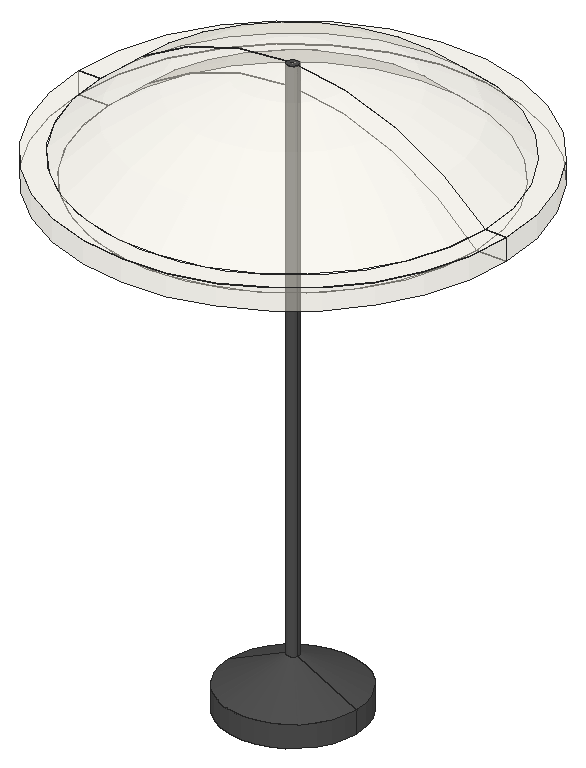
Revit family "a0062de416084f3f9ebd0f393f512873", category Lighting Fixtures, host Face, Revit 2021
Family settings
  Host = Face
  Round Connector Dimension = Use Diameter
  Part Type = Normal
  OmniClass Number = 23.80.70.11.11
  OmniClass Title = General Luminaries, Non Directional
  Seek Item ID = Pendant Light - Hemisphere-0000-USA-ENU
  Cut with Voids When Loaded = No
  Light Source = Yes
  Shared = No
  Room Calculation Point = No
Parameters (values of type "100W - 120V")
  Wattage = 100 W
  built-in parameter 1150110 = 1 (stored number, unit not read)
  built-in parameter 1150109 = 1 (stored number, unit not read)
  built-in parameter 1150134 = 4
  built-in parameter 1150113 = 1 (stored number, unit not read)
  Tilt Angle = -90.00°
  Photometric Web File = "WLB1A19.ies"
  Pendant Material = Glass, Frosted
  Lumens = 1690 lm
  built-in parameter 1114217 = 1 (stored number, unit not read)
  built-in parameter 1150115 = 1 (stored number, unit not read)
  built-in parameter 1150105 = 134.49 (stored number, unit not read)
  Load Classification = Lighting - Dwelling Unit
  built-in parameter 1150137 = 1
  built-in parameter 1150139 = (empty or 0)
  built-in parameter 1150112 = 1 (stored number, unit not read)
  built-in parameter 1150114 = 1 (stored number, unit not read)
  Lamp = "A-19"
  built-in parameter 1150132 = (empty or 0)
  built-in parameter 1150102 = (empty or 0)
  built-in parameter 1150138 = (empty or 0)
  built-in parameter 1150107 = 2800 (stored number, unit not read)
  built-in parameter 1150106 = 1.3449 (stored number, unit not read)
  built-in parameter 1150104 = 1.5701 (stored number, unit not read)
  Drop From Ceiling = 2' - 3"
  Dimming Lamp Color Temperature Shift = <None>
  Default Elevation = 4' - 0"
  Color Filter = 16777215
  Ceiling Mount Material = Steel, Chrome Plated
  built-in parameter 1140040 [instance] = 1
  Ballast Voltage = 120 V
  Ballast Number of Poles = 1
  built-in parameter 1114218 = 1 (stored number, unit not read)
  built-in parameter 1150133 = 10 (stored number, unit not read)
  Assembly Code = "D5020220"
  Apparent Load = 100 VA
Types (5): name | Wattage | Photometric Web File | Lumens | built-in parameter 1150105 | Lamp | built-in parameter 1150106 | built-in parameter 1150104 | Ballast Voltage | Apparent Load
  (no name) | 100 W | "WLB1A19.ies" | 1690 lm | 134.49 (stored number, unit not read) | "A-19" | 1.3449 (stored number, unit not read) | 1.5701 (stored number, unit not read) | 120 V | 100 VA
  100W - 120V | 100 W | "WLB1A19.ies" | 1690 lm | 134.49 (stored number, unit not read) | "A-19" | 1.3449 (stored number, unit not read) | 1.5701 (stored number, unit not read) | 120 V | 100 VA
  100W - 277V | 100 W | "WLB1A19.ies" | 1690 lm | 134.49 (stored number, unit not read) | "A-19" | 1.3449 (stored number, unit not read) | 1.5701 (stored number, unit not read) | 277 V | 100 VA
  150W - 120V | 150 W | "PLH1A21.ies" | 2779.5 lm | 221.19 (stored number, unit not read) | "A-21" | 2.2119 (stored number, unit not read) | 1.7215 (stored number, unit not read) | 120 V | 150 VA
  150W - 277V | 150 W | "PLH1A21.ies" | 2779.5 lm | 221.19 (stored number, unit not read) | "A-21" | 2.2119 (stored number, unit not read) | 1.7215 (stored number, unit not read) | 277 V | 150 VA
Reference planes (in)
  plane 1 "Center (Front/Back)": y = 0
  plane 2: z = 0
  plane 3 "Center (Left/Right)": x = 0
  plane 4: z = 1
  plane 5: z = 2.40625
  plane 6: x = -3
  plane 7: z = 27
  plane 8: z = 27
  plane 9: x = -9
  plane 10: x = -10
  plane 11: x = -8.59375
  plane 12: z = 23.1875
  plane 13: z = 22.1875
  plane 14: z = 26
Forms (in)
  Revolve 1, solid, material "Steel, Chrome Plated" <- "Ceiling Mount Material"
    sketch origin (0, 0, 0) x (1, 0, 0) y (0, 0, 1)
      loop
        line (0, 0) -> (0, 2.40625) -> (-3, 1) -> (-3, 0) -> (0, 0)
      axis (0, 0) -> (0, 2.40625)
    angle from 0 to 360
  Extrusion 2, solid, material "Steel, Chrome Plated" <- "Ceiling Mount Material"
    sketch origin (0, 0, 0) x (1, 0, 0) y (0, 1, 0)
      loop
        circle (0, 0) r 0.25
    from 0 to 27
  Revolve 3, solid, material "Glass, Frosted" <- "Pendant Material"
    sketch origin (0, 0, 0) x (1, 0, 0) y (0, 0, 1)
      loop
        arc (-8.59375, 22.1875) -> (-4.67744, 24.95158) -> (0, 26) r 12.24219
        line (0, 26) -> (0, 27)
        arc (0, 27) -> (-4.86908, 25.96502) -> (-9, 23.1875) r 13.09375
        line (-9, 23.1875) -> (-10, 23.1875) -> (-10, 22.1875) -> (-8.59375, 22.1875)
      axis (0, 27) -> (0, 22.1875)
    angle from 0 to 360
Cuts and joins
  joined: Revolve 1, Extrusion 2
Dimensions and locks (in)
  plane 5 to plane 2 = 0' - 2 13/32"
  plane 4 to plane 2 = 0' - 1"
  plane 6 to plane 3 "Center (Left/Right)" = 0' - 3"
  plane 8 to plane 7 = 0' - 0"
  "Drop From Ceiling": plane 8 to plane 2
  plane 3 "Center (Left/Right)" to plane 10 = 0' - 10"
  plane 3 "Center (Left/Right)" to plane 9 = 0' - 9"
  plane 3 "Center (Left/Right)" to plane 11 = 0' - 8 19/32"
  plane 8 to plane 12 = 0' - 3 13/16"
  plane 8 to plane 13 = 0' - 4 13/16"
  plane 8 to plane 14 = 0' - 1"
  aligned and locked: plane 2 to host face
  aligned and locked: level to host face
  aligned and locked: Revolve 1 sketch curve to plane 3 "Center (Left/Right)"
  aligned and locked: plane 2 to Revolve 1 sketch curve
  aligned and locked: Revolve 1 sketch curve to plane 6
  aligned and locked: plane 3 "Center (Left/Right)" to Revolve 1 sketch curve
  aligned and locked: plane 3 "Center (Left/Right)" to Extrusion 2 sketch curve
  aligned and locked: plane 1 "Center (Front/Back)" to Extrusion 2 sketch curve
  aligned and locked: plane 7 to Extrusion 2
  aligned and locked: Extrusion 2 to plane 2
  aligned and locked: Revolve 3 sketch curve to plane 3 "Center (Left/Right)"  (x2)
  aligned and locked: plane 10 to Revolve 3 sketch curve
  aligned and locked: Revolve 3 sketch curve to plane 12
  aligned and locked: plane 13 to Revolve 3 sketch curve
  aligned and locked: plane 1 "Center (Front/Back)" to imposter light
  aligned and locked: plane 3 "Center (Left/Right)" to imposter light
  aligned and locked: plane 7 to imposter light
  aligned and locked: plane 8 to imposter light
Automatic sketch dimensions
  host sketch curve to host sketch curve = 8' - 0"  (x2)
  Revolve 1 sketch curve to plane 4 = 0' - 0"
  Revolve 1 sketch curve to plane 5 = 0' - 0"
  Revolve 1 sketch curve to level = 0' - 1.75256"
  Revolve 1 sketch curve to Revolve 1 sketch curve = 0' - 0.49744"
  Revolve 3 sketch curve to plane 9 = 0' - 0"
  Revolve 3 sketch curve to plane 11 = 0' - 0"
  Revolve 3 sketch curve to plane 14 = 0' - 0"
  Revolve 3 sketch curve to plane 8 = 0' - 0"
  plane 3 "Center (Left/Right)" to Revolve 3 sketch curve = 0' - 0.23823"
  Revolve 3 sketch curve to Revolve 3 sketch curve = 0' - 0.0488"
  Revolve 3 sketch curve to plane 13 = 0' - 1.61909"
  Revolve 3 sketch curve to plane 14 = 0' - 0.93159"
  radius of Extrusion 2 sketch curve = 0' - 0 1/4"
Connectors (in)
  electrical at (0, 0, 22.1875), driven by "Apparent Load", driven by "Ballast Voltage", driven by "Ballast Number of Poles", driven by "Load Classification"
    settings: on Revolve 3, index 1, voltage 120 V, apparent load 0 VA, apparent load phase1 100 VA, apparent load phase2 0 VA, apparent load phase3 0 VA, power factor 0.95, load classification "Lighting - Dwelling Unit", number of poles 1, system type 31, power factor state 1, is connector primary yes, connector utility no, sub classification motor no, connector description ""
